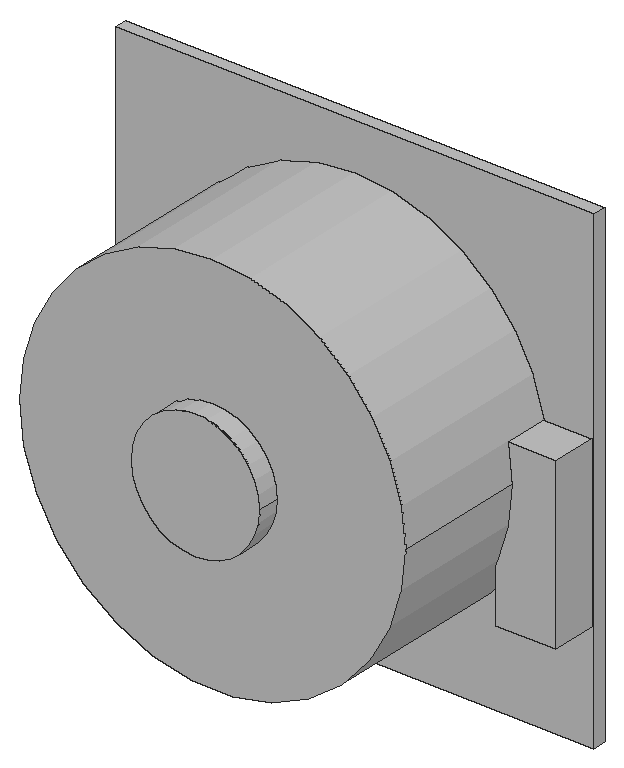
Revit family "ef_eg-25_40asxc2_bsxc2_dsxc2_csxc2-hc_50Hz", category 機械設備, Revit 2019
Family settings
  丸型コネクタ寸法 = 直径を使用
  パーツ タイプ = 標準
  OmniClass 番号 = 23.75.35.21.17
  OmniClass タイトル = Industrial Ventilating Equipment
  作業面ベース = いいえ
  常に垂直 = はい
  ロード時にボイドで切り取り = はい
  共有 = いいえ
  部屋計算ポイント = はい
Parameters (values of type "EF-25ASXC2-HC")
  騒音レベル(dB(A)) [instance] = 37
  風量 [instance] = 設計風量  # 0.0 m³/h
  電源種別 [instance] = ""
  電圧 = 100 V
  電動機出力 = 25 W
  電動機_種別 [instance] = ""
  運転質量 = 0.00 kg
  連動 [instance] = ""
  質量 = if(製品質量 > 運転質量, 製品質量, 運転質量) * 1.2  # 5.28 kg
  負荷分類 = 3_ファン類
  説明 = "産業用有圧換気扇 低騒音形ステンレスタイプ オールステンレス厨房用"
  設計風量 [instance] = 0.0 m³/h
  設置方法 = "壁付"
  記号 [instance] = ""
  製造元 = "三菱電機株式会社"
  製品質量 = 4.40 kg
  製品出荷対象 = "国内"
  製品リリース年月 = "2022年6月1日"
  製品グループ = ""
  羽根径 = "∅250"
  レグ_Depth = 147.5 mm
  系統 [instance] = ""
  符号 [instance] = if(☑給気／□排気, "FS", "FE")  # "FE"
  積算_科目 = ""
  積算_拾い区分 [instance] = ""
  相 = 1
  盤記号 [instance] = ""
  盤工事区分 = ""
  発停方法 [instance] = ""
  特殊仕様 [instance] = ""
  火災停止 [instance] = ""
  消費電力 = 50 W
  法定耐用年数 = "15"
  極数 = 2
  極 = 4
  材質 [instance] = ""
  操作・制御方式 = ""
  操作・制御スイッチ = ""
  排気量 [instance] = if(☑給気／□排気, 0.0 m³/h, 設計風量)  # 0.0 m³/h
  形式 = ""
  幹線記号 [instance] = ""
  対象室 [instance] = ""
  実風量 [instance] = 0.0 m³/h
  始動方式 [instance] = "直入"
  外気量 [instance] = if(☑給気／□排気, 設計風量, 0.0 m³/h)  # 0.0 m³/h
  呼称 = "有圧扇"
  周波数 = 50 Hz
  参照している仕様書等のバージョン = ""
  分類コード = "50052503100110"
  分類グループ = ""
  価格 = 181000
  企業コード = "108420"
  付属品_防振装置 = ""
  付属品 [instance] = ""
  仕様書バージョン = "Version1.0"
  モーター径 = 99 mm
  モデル = "EF-25ASXC2-HC"
  ボックス_Width = 46.1 mm
  ボックス_Height = 130.6 mm
  ボックス_Depth = 44.8 mm
  フレームの厚さ = 10 mm
  ファンの種類 = "軸流羽根"
  コメント [instance] = ""
  Keynote = ""
  ☑給気／□排気 [instance] = no
  Width = 370 mm
  Version = ""
  Uniclass2015Version = "Systems v1.9"
  Uniclass2015Title = "Propeller fans"
  Uniclass2015Code = "Pr_65_67_29_67"
  URL = "https://www.mitsubishielectric.co.jp/ldg/wink/ssl/displayProduct.do?pid=319144"
  SpecificationReference = ""
  SpecificationDescription = ""
  Revision = ""
  ProductInformation = ""
  OmniClassCode = "23-33 31 19 11 17"
  MIN風量 = 0.0 m³/h
  MID風量 = 0.0 m³/h
  MAX風量 = 1080.0 m³/h
  IfcTypeProduct = ""
  IfcProduct = ""
  IfcExportType = "TUBEAXIAL"
  IfcExportAs = "IfcFanType"
  Height = 370 mm
  オリフィス径 = 298 mm
  Depth = 164 mm
  Box_W = 137 mm
  Box_H = 83.2 mm
  Author = "三菱電機株式会社"
Types (4, lengths in mm): name | 騒音レベル(dB(A)) | 電動機出力 | 質量 | 製品質量 | 羽根径 | レグ_Depth | 消費電力 | 極 | 価格 | モーター径 | モデル | ボックス_Width | ボックス_Height | ボックス_Depth | Width | URL | MAX風量 | Height | オリフィス径 | Depth | Box_W | Box_H
  EF-25ASXC2-HC | 37 | 25 W | 5.28 kg | 4.40 kg | "∅250" | 147.5 | 50 W | 4 | 181000 | 99 | "EF-25ASXC2-HC" | 46.1 | 130.6 | 44.8 | 370 | "https://www.mitsubishielectric.co.jp/ldg/wink/ssl/displayProduct.do?pid=319144" | 1080.0 m³/h | 370 | 298 | 164 | 137 | 83.2
  EF-30BSXC2-HC | 40 | 50 W | 6.48 kg | 5.40 kg | "∅300" | 147.5 | 60 W | 4 | 244000 | 99 | "EF-30BSXC2-HC" | 46.1 | 190.6 | 44.8 | 420 | "https://www.mitsubishielectric.co.jp/ldg/wink/ssl/displayProduct.do?pid=319157" | 1680.0 m³/h | 420 | 348 | 164 | 162 | 108.2
  EF-40DSXC2-HC | 49.5 | 200 W | 15.00 kg | 12.50 kg | "∅400" | 198.5 | 125 W | 4 | 304000 | 113 | "EF-40DSXC2-HC" | 46.7 | 251.4 | 57.8 | 520 | "https://www.mitsubishielectric.co.jp/ldg/wink/ssl/displayProduct.do?pid=318478" | 3760.0 m³/h | 520 | 476 | 225 | 213.3 | 134.8
  EG-40CSXC2-HC | 41.5 | 100 W | 15.00 kg | 12.50 kg | "∅400" | 212.9 | 99 W | 6 | 290000 | 113 | "EG-40CSXC2-HC" | 46.7 | 251.4 | 57.8 | 520 | "https://www.mitsubishielectric.co.jp/ldg/wink/ssl/displayProduct.do?pid=318586" | 3060.0 m³/h | 520 | 476 | 249 | 213.3 | 134.8
Reference planes
  plane 1 "中心(正面/背面)": y = 0
  plane 2: z = 0
  plane 3 "中心(左/右)": x = 0
  plane 4: z = 0
  plane 5: through (212.832, -1524, 243.759) normal (-0.6508, 0, -0.7593)
  plane 6: through (-212.884, -1524, -243.751) normal (0.6508, 0, 0.7593)
  plane 7: through (208.307, -1524, -247.63) normal (-0.6508, 0, 0.7593)
  plane 8: z = 185
  plane 9: z = -185
  plane 10 "左": x = -185
  plane 11 "右": x = 185
  plane 12 "正面": y = -164
  plane 13: y = -10
  plane 14: through (-208.307, -1524, -247.63) normal (-0.6508, 0, -0.7593)
  plane 15: y = 86
  plane 16: y = 186
  plane 17: x = -250
  plane 18: x = 250
  plane 19: y = -44.8
  plane 20: y = -147.5
  plane 21: x = 137
  plane 22: x = 183.1
  plane 23: z = 28.8
  plane 24: z = -101.8
Forms (mm)
  Extrusion 1, solid, detail levels fine
    sketch origin (0, 0, 0) x (1, 0, 0) y (0, 1, 0)
      loop
        line (-185, 0) -> (-185, -10) -> (185, -10) -> (185, 0) -> (-185, 0)
    from -185 to 185
  Extrusion 2, solid, detail levels fine
    sketch origin (140, -23.659, 0) x (-1, 0, 0) y (0, 0, -1)
      loop
        circle (140, 0) r 49.5
    from 123.841 to 140.341
  Extrusion 3, solid
    sketch origin (0, -153.783, 0) x (1, 0, 0) y (0, 0, 1)
      loop
        circle (0, 0) r 149
    from -143.783 to -6.283
  Extrusion 4, solid
    sketch origin (0, -164, 0) x (0, 0, -1) y (1, 0, 0)
      loop
        line (-28.8, 137) -> (101.8, 137) -> (101.8, 183.1) -> (-28.8, 183.1) -> (-28.8, 137)
    from -154 to -119.2
Cuts and joins
  joined: Extrusion 3, Extrusion 4
Lines and regions (mm)
  Masking region 1, detail levels coarse+medium
    outline origin (0, 0, 0) x (1, 0, 0) y (0, 1, 0)
      loop
        line (-250, -164) -> (250, -164) -> (250, 86) -> (-250, 86) -> (-250, -164)
  Masking region 2, detail levels coarse+medium
    outline origin (0, 0, 0) x (1, 0, 0) y (0, 1, 0)
      loop
        line (-149, 86) -> (149, 86) -> (149, 186) -> (-149, 186) -> (-149, 86)
  symbolic lines, detail levels coarse+medium
    curve 1: circle (149, -163.5, 0) r 115 normal (0, 0, 1)
    curve 2: circle (-149, -163.5, 0) r 115 normal (0, 0, -1)
Dimensions and locks
  level to plane 4 = 0 mm
  equal spacing: plane 8, level, plane 9
  "Depth": plane 12 "正面" to plane 1 "中心(正面/背面)"  (x2)
  "Width": plane 10 "左" to plane 11 "右"
  "Height": plane 8 to plane 9
  "フレームの厚さ": plane 13 to plane 1 "中心(正面/背面)"
  plane 12 "正面" to plane 15 to plane 16 = 250 mm locked, 100 mm locked
  locked: plane 17 to plane 18 at 500
  "レグ_Depth": plane 1 "中心(正面/背面)" to plane 20
  equal spacing: plane 10 "左", plane 3 "中心(左/右)", plane 11 "右"
  "ボックス_Width": plane 22 to plane 21
  "ボックス_Height": plane 23 to plane 24
  "Box_H": plane 24 to plane 9
  "Box_W": plane 21 to plane 3 "中心(左/右)"
  "ボックス_Depth": plane 1 "中心(正面/背面)" to plane 19
  "オリフィス径": diameter of Extrusion 3 sketch curve
  "モーター径": diameter of Extrusion 2 sketch curve
  aligned and locked: level to plane 2
  aligned and locked: Extrusion 1 to plane 8
  aligned and locked: plane 10 "左" to Extrusion 1
  aligned and locked: Extrusion 1 to plane 11 "右"
  aligned and locked: plane 9 to Extrusion 1
  aligned and locked: Extrusion 1 to plane 13
  aligned and locked: Extrusion 1 to plane 1 "中心(正面/背面)"  (x5)
  aligned and locked: plane 12 "正面" to Extrusion 2
  aligned and locked: plane 1 "中心(正面/背面)" to Extrusion 1  (x2)
  aligned and locked: plane 4 to Extrusion 2 sketch curve
  aligned and locked: plane 12 "正面" to Masking region 1 sketch curve
  aligned and locked: Masking region 1 sketch curve to plane 17
  aligned and locked: plane 15 to Masking region 1 sketch curve
  aligned and locked: plane 18 to Masking region 1 sketch curve
  aligned and locked: Masking region 2 sketch curve to plane 15
  aligned and locked: plane 16 to Masking region 2 sketch curve
  aligned and locked: Extrusion 3 to Extrusion 1
  aligned and locked: plane 20 to Extrusion 2
  aligned and locked: Extrusion 3 to plane 20
  aligned and locked: Extrusion 4 sketch curve to plane 23
  aligned and locked: plane 21 to Extrusion 4 sketch curve
  aligned and locked: plane 24 to Extrusion 4 sketch curve
  aligned and locked: Extrusion 4 sketch curve to plane 22
  aligned and locked: plane 13 to Extrusion 4
  aligned and locked: Extrusion 4 to plane 19
Automatic sketch dimensions
  Extrusion 1 sketch curve to plane 10 "左" = 0 mm
  Extrusion 1 sketch curve to plane 11 "右" = 0 mm
  Extrusion 1 sketch curve to plane 13 = 0 mm
  plane 1 "中心(正面/背面)" to Extrusion 1 sketch curve = 0 mm
  Extrusion 3 sketch curve to level = 0 mm
  Extrusion 3 sketch curve to plane 3 "中心(左/右)" = 0 mm
  curve 2 to plane 20 = 16 mm
  curve 1 to plane 20 = 16 mm
  curve 2 to plane 10 "左" = 36 mm
  Masking region 2 sketch curve to plane 10 "左" = 36 mm
  plane 11 "右" to curve 1 = 36 mm
  plane 11 "右" to Masking region 2 sketch curve = 36 mm
  Extrusion 2 sketch curve to plane 3 "中心(左/右)" = 0 mm
  radius of curve 1 = 115 mm
  radius of curve 2 = 115 mm
Connectors
  electrical at (185, -5, 0), driven by "電圧", driven by "負荷分類", driven by "消費電力", driven by "極数"
    settings: on Extrusion 1, index 2, voltage 100 V, apparent load 50 VA, apparent load phase1 0 VA, apparent load phase2 0 VA, apparent load phase3 0 VA, power factor 1, load classification "3_ファン類", number of poles 2, system type 30, power factor state 1, is connector primary yes, connector utility no, sub classification motor no, connector description ""
